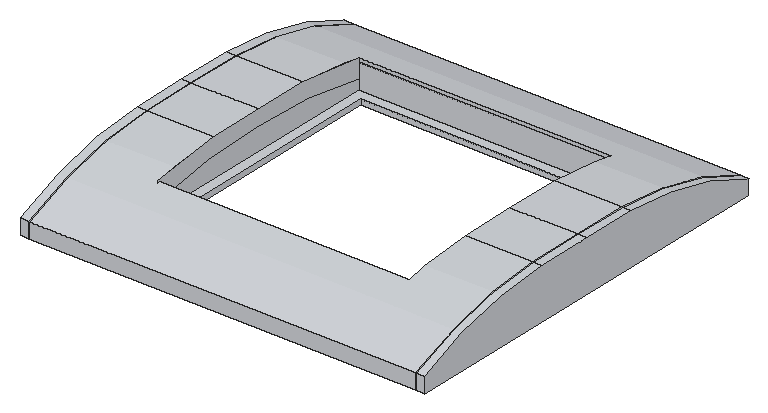
Revit family "Gira_0211768", category Electrical Fixtures, host Face, Revit 2017
Family settings
  Host = Face
  Maintain Annotation Orientation = No
  Round Connector Dimension = Use Diameter
  Part Type = Normal
  Cut with Voids When Loaded = No
  Shared = No
  Room Calculation Point = No
Parameters (values of type "Cov.fr. 1-g interm.fr. AN Gira Event Clear brown")
  With mounting grid = "No"
  With hinged lid = "No"
  URL = "http://katalog.gira.de/en/datenblatt.html?artikelnr=0211768"
  Type of fastening = "Clamp mounting"
  Transparent = "No"
  Surface protection = "Other"
  Surface finishing = "Glossy"
  Suitable for wall duct = "No"
  Suitable for flush-mounted installation = "Yes"
  Suitable for floor box = "No"
  Suitable for built-in installation = "No"
  Number of units vertical = "1"
  Number of units horizontal = "1"
  Number of units = "1"
  Name = "Cov.fr. 1-g interm.fr. AN Gira Event Clear brown"
  Mounting direction = "Horizontal and vertical"
  Material quality = "Thermoplastic"
  Material = "Plastic"
  Manufacturer URL = "https://www.gira.de/"
  Manufacturer = "Gira"
  Label space/information surface = "No"
  Keynote = ""
  HeinzeBIM = "https://bimportal.heinze.de/bim/cov-fr-1-g-interm-fr-an-gira-event-clear-brown/a0db26c7690a7e1c6b862dad71eb140b0b2715b0"
  Halogen free = "Yes"
  HAN = "0211768"
  GTIN = "4010337069447"
  Description = "Cov.fr.1g i.fr.AN EvCl BN,Gira Event Clear cover frame,brown with anthracite intermediate frame,1-gang,Features:,- Shatter-proof."
  Degree of protection (IP) = "IP20"
  Default Elevation = 1219.2 mm
  Data sheet (1) = "https://katalog.gira.de/en/download.html?artikelnr=0211768"
  Colour = "Brown"
  Category = "Cover frame for domestic switching devices"
  BIM (1) = "https://media.stage.bim.site/public/gira/36a6b08/Event_Rahmen_1fach.rfa"
  Available = "No"
Reference planes
  plane 1 "Center (Front/Back)": y = 0
  plane 2: z = 0
  plane 3 "Center (Left/Right)": x = 0
Forms (mm)
  Extrusion 1, solid, detail levels fine
    sketch origin (0, 0, 1.55) x (0, 1, 0) y (0, 0, 1)
      loop
        arc (12.445, 9.683) -> (6.223, 9.833) -> (0, 9.85) r 291.636
        arc (0, 9.85) -> (-6.223, 9.833) -> (-12.445, 9.683) r 291.636
        arc (-12.445, 9.683) -> (-29.14, 7.482) -> (-45, 1.823) r 79.728
        line (-45, 1.823) -> (-45, -1.55) -> (-41.777, -1.55) -> (-41.777, -0.55)
        arc (-41.777, -0.55) -> (-21.205, 4.846) -> (0, 6.467) r 118.15
        arc (0, 6.467) -> (21.205, 4.846) -> (41.777, -0.55) r 118.15
        line (41.777, -0.55) -> (41.777, -1.55) -> (45, -1.55) -> (45, 1.823)
        arc (45, 1.823) -> (29.14, 7.482) -> (12.445, 9.683) r 79.728
    from -43 to 43
  Extrusion 2, void, detail levels fine
    sketch origin (0, 0, 0) x (1, 0, 0) y (0, 1, 0)
      loop
        line (-28, -28) -> (28, -28) -> (28, 28) -> (-28, 28) -> (-28, -28)
    from 2.85 to 12
  Extrusion 3, solid, detail levels coarse
    sketch origin (0, 0, 0) x (1, 0, 0) y (0, 1, 0)
      loop
        line (-45, 45) -> (-45, -45) -> (45, -45) -> (45, 45) -> (-45, 45)
    from 0 to 11.4
  Extrusion 4, solid, detail levels medium
    sketch origin (0, 0, 1.55) x (0, 1, 0) y (0, 0, 1)
      loop
        arc (12.445, 9.683) -> (6.223, 9.833) -> (0, 9.85) r 291.636
        arc (0, 9.85) -> (-6.223, 9.833) -> (-12.445, 9.683) r 291.636
        arc (-12.445, 9.683) -> (-29.14, 7.482) -> (-45, 1.823) r 79.728
        line (-45, 1.823) -> (-45, -1.55) -> (45, -1.55) -> (45, 1.823)
        arc (45, 1.823) -> (29.14, 7.482) -> (12.445, 9.683) r 79.728
    from -45 to 45
  Extrusion 5, solid, detail levels fine
    sketch origin (0, 0, 0) x (0, 1, 0) y (0, 0, 1)
      loop
        arc (45, 3.373) -> (29.14, 9.032) -> (12.445, 11.233) r 79.728
        arc (12.445, 11.233) -> (6.223, 11.383) -> (0, 11.4) r 291.636
        arc (0, 11.4) -> (-6.223, 11.383) -> (-12.445, 11.233) r 291.636
        arc (-12.445, 11.233) -> (-29.14, 9.032) -> (-45, 3.373) r 79.728
        line (-45, 3.373) -> (-45, 0) -> (45, 0) -> (45, 3.373)
    from 43 to 45
  Extrusion 6, solid, detail levels fine
    sketch origin (0, 0, 0) x (0, 1, 0) y (0, 0, -1)
      loop
        line (45, -3.373) -> (45, 0) -> (-45, 0) -> (-45, -3.373)
        arc (-45, -3.373) -> (-29.14, -9.032) -> (-12.445, -11.233) r 79.728
        arc (-12.445, -11.233) -> (-6.223, -11.383) -> (0, -11.4) r 291.636
        arc (0, -11.4) -> (6.223, -11.383) -> (12.445, -11.233) r 291.636
        arc (12.445, -11.233) -> (29.14, -9.032) -> (45, -3.373) r 79.728
    from 43 to 45
  Extrusion 7, solid, detail levels fine
    sketch origin (0, 0, 0) x (1, 0, 0) y (0, 1, 0)
      loop
        line (-25.7, 25.7) -> (-25.7, -25.7) -> (25.7, -25.7) -> (25.7, 25.7) -> (-25.7, 25.7)
      loop
        line (-29.495, 27.895) -> (-29.495, -27.895)
        spline (-29.495, -27.895) -> (-29.486, -28.025) -> (-29.461, -28.154) -> (-29.419, -28.278) -> (-29.361, -28.395) -> (-29.288, -28.504) -> (-29.202, -28.602) -> (-29.104, -28.688) -> (-28.995, -28.761) -> (-28.878, -28.819) -> (-28.754, -28.861) -> (-28.625, -28.886) -> (-28.495, -28.895)
        line (-28.495, -28.895) -> (28.495, -28.895)
        spline (28.495, -28.895) -> (28.625, -28.886) -> (28.754, -28.861) -> (28.878, -28.819) -> (28.995, -28.761) -> (29.104, -28.688) -> (29.202, -28.602) -> (29.288, -28.504) -> (29.361, -28.395) -> (29.419, -28.278) -> (29.461, -28.154) -> (29.486, -28.025) -> (29.495, -27.895)
        line (29.495, -27.895) -> (29.495, 27.895)
        spline (29.495, 27.895) -> (29.486, 28.025) -> (29.461, 28.154) -> (29.419, 28.278) -> (29.361, 28.395) -> (29.288, 28.504) -> (29.202, 28.602) -> (29.104, 28.688) -> (28.995, 28.761) -> (28.878, 28.819) -> (28.754, 28.861) -> (28.625, 28.886) -> (28.495, 28.895)
        line (28.495, 28.895) -> (-28.495, 28.895)
        spline (-28.495, 28.895) -> (-28.625, 28.886) -> (-28.754, 28.861) -> (-28.878, 28.819) -> (-28.995, 28.761) -> (-29.104, 28.688) -> (-29.202, 28.602) -> (-29.288, 28.504) -> (-29.361, 28.395) -> (-29.419, 28.278) -> (-29.461, 28.154) -> (-29.486, 28.025) -> (-29.495, 27.895)
    from 1.673 to 8.5
Cuts and joins
  Extrusion 2 cuts Extrusion 1
  Extrusion 2 cuts Extrusion 7
Dimensions and locks
  aligned and locked: plane 2 to host face
  aligned and locked: level to host face
